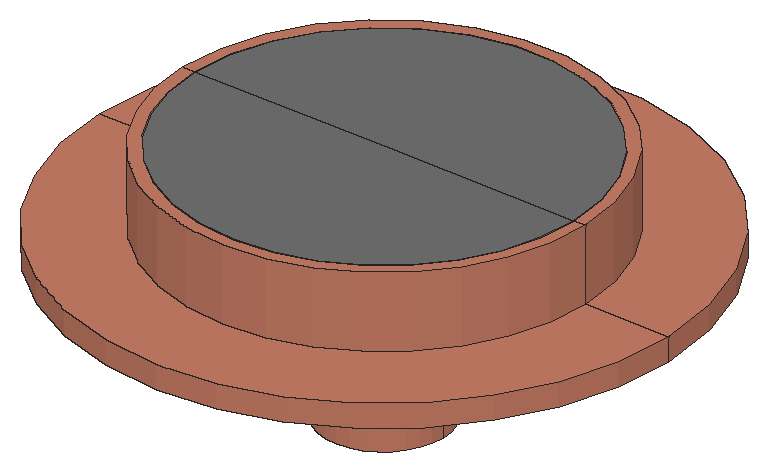
Revit family
Parameters (values of type "2120-02")
  Weight (lb) = 19.81
  Waste Connection = no
  Warranty = "1 year material and workmanship"  # constant formula
  Vent Connection = no
  URL = "http://www.jrsmith.com"
  Threaded = yes
  Technical and Installation = "http://www.jrsmith.com/products/floor/tech_data_index.htm"
  SmartBIM Object Version = 3  # constant formula
  SmartBIM Object Created By = "Reed Construction Data"  # constant formula
  Push On = yes
  Product URL = "http://www.jrsmith.com/products/floor/submittal/d2120.pdf"
  Pipe Radius = Pipe Diameter / 2  # 1"
  Pipe Diameter = 2"
  OmniClass Title = "Sanitary Drains"  # constant formula
  OmniClass Code = "22-22 13 19 13"  # constant formula
  No Hub = yes
  Model = "2120"  # constant formula
  Material Finish = Duco Coated
  Material = Cast Iron
  Manufacturer = "Jay R. Smith Mfg. Co. "  # constant formula
  Free Area (sq. in) = "13"  # constant formula
  Dome Free Area = "2\""
  Description = "Duco cast iron body and flashing collar with cast iron bar grate"  # constant formula
  Default Elevation = 0"
  Connection Type = ""
  Caulk = yes
  Assembly Code = "D2030300"
  95 CSI = "15155"  # constant formula
  04 CSI = "22 13 19"  # constant formula
Types (4): name | Weight (lb) | Pipe Radius | Pipe Diameter | Dome Free Area
  2120-02 | 19.81 | 1" | 2" | "2\""
  2120-03 | 17.96 | 1 1/2" | 3" | "3\""
  2120-04 | 18.17 | 2" | 4" | "4\""
  2120-06 | 18.86 | 3" | 6" | "6\" "
Reference planes (in)
  plane 1 "Center (Front/Back)": y = 0
  plane 2: z = 0
  plane 3 "Center (Left/Right)": x = 0
  plane 4: z = 0.125
Dimensions and locks (in)
  locked: plane 4 to plane 2 at 0.125
  aligned and locked: level to plane 2
  aligned and locked: plane 1 "Center (Front/Back)" to nested 1
  aligned and locked: plane 3 "Center (Left/Right)" to nested 1
  aligned and locked: plane 4 to nested 1
Nested families (in)
  nested 1: "2120" at (0, 0, -1.84221), type "2120"
Connectors (in)
  piping at (0, 0, -4.94517), driven by "Pipe Radius"
    settings: on nested 1, index 1
Definition of nested family "2120"
  Parameters (values of type "2120")
    Weight (lb) = 19.81
    Waste Connection = no
    Warranty = "1 year material and workmanship"  # constant formula
    Vent Connection = no
    URL = "http://www.jrsmith.com"
    Threaded = yes
    Technical and Installation = "http://www.jrsmith.com/products/floor/tech_data_index.htm"
    SmartBIM Object Version = 3  # constant formula
    SmartBIM Object Created By = "Reed Construction Data"  # constant formula
    Push On = yes
    Product URL = "http://www.jrsmith.com/products/floor/submittal/d2120.pdf"
    Pipe Radius = Outlet Diameter / 2  # 1"
    Outlet Diameter = 2"
    OmniClass Title = "Sanitary Drains"  # constant formula
    OmniClass Code = "22-22 13 19 13"  # constant formula
    No Hub = yes
    Model = "2120"  # constant formula
    Material Finish = Duco Coated
    Material = Cast Iron
    Manufacturer = "Jay R. Smith Mfg. Co. "  # constant formula
    Free Area (sq. in) = "13"  # constant formula
    Dome Free Area = "2\""
    Description = "Duco cast iron body and flashing collar with cast iron bar grate"  # constant formula
    Default Elevation = 0"
    Connection Type = ""
    Caulk = yes
    Assembly Code = "D2030300"
    95 CSI = "15155"  # constant formula
    04 CSI = "22 13 19"  # constant formula
  Reference planes (in)
    plane 1 "Center (Front/Back)": y = 0
    plane 2: z = 0
    plane 3 "Center (Left/Right)": x = 0
    plane 4: x = 6
    plane 5: x = 4.25
    plane 6: x = -4.25
    plane 7: x = -6
    plane 8: x = 4.25
    plane 9: x = 6
  Forms (in)
    Revolve 1, solid, material "Cast Iron" <- "Material"
      sketch origin (0, 0, 0.47775) x (1, 0, 0) y (0, 0, 1)
        loop
          line (4.25, 0) -> (4.25, 1.48946) -> (4, 1.48946) -> (4, -0.32692) -> (3.08372, -0.46972) -> (3.08372, -0.8132) -> (1.25, -0.8132) -> (1.25, -1.05683) -> (3.80035, -1.05683) -> (3.80035, -0.67891) -> (6, -0.46898) -> (6, 0) -> (4.25, 0)
        axis (0, 1.48946) -> (0, -1.05683)
      angle from 0 to 360
    Revolve 2, solid, material "Duco Coated" <- "Material Finish"
      sketch origin (0, 0, 0.47775) x (1, 0, 0) y (0, 0, 1)
        loop
          line (4, 1.48946) -> (0, 1.48946) -> (0, 0.54336) -> (4, 0.73184) -> (4, 1.48946)
        axis (0, 1.48946) -> (0, 0.54336)
      angle from 0 to 360
    Revolve 3, solid, material "Cast Iron" <- "Material"
      sketch origin (0, 0, 0) x (1, 0, 0) y (0, 0, 1)
        loop
          line (1.25, -0.57908) -> (1, -0.57908) -> (1, -3.10296) -> (1.25, -3.10296) -> (1.25, -0.57908)
        axis (0, -0.57908) -> (0, -3.10296)
      angle from 0 to 360
  Dimensions and locks (in)
    "Pipe Radius": plane 3 "Center (Left/Right)" to Revolve 3 sketch curve
    locked: Revolve 1 to Revolve 2 sketch curve
    plane 4 to plane 5 to Revolve 1 sketch curve to Revolve 1 sketch curve to Revolve 1 sketch curve = 1 3/4" locked, 1/4", 0.91628", 1.83372" locked
    plane 6 to plane 8 = 8 1/2"
    plane 7 to plane 9 = 12"
    locked: Revolve 1 sketch curve to Revolve 1 sketch curve at 0.25
    aligned and locked: level to plane 2
    aligned and locked: Revolve 3 sketch curve to plane 3 "Center (Left/Right)"
    aligned and locked: Revolve 1 sketch curve to plane 4
    aligned and locked: Revolve 1 sketch curve to plane 3 "Center (Left/Right)"
    aligned and locked: Revolve 1 to Revolve 3 sketch curve
  Automatic sketch dimensions
    Revolve 3 sketch curve to Revolve 3 sketch curve = 1/4"
    Revolve 3 sketch curve to Revolve 3 sketch curve = 2.52388"
    Revolve 3 sketch curve to Revolve 3 sketch curve = 43.5526"
    level to Revolve 3 sketch curve = 95.06503"
    Revolve 2 sketch curve to plane 3 "Center (Left/Right)" = 0"  (x2)
    level to Revolve 2 sketch curve = 1.96721"
    Revolve 2 sketch curve to Revolve 2 sketch curve = 0.75762"
    Revolve 2 sketch curve to Revolve 2 sketch curve = 0.9461"
    Revolve 2 sketch curve to level = 46.1778"
    Revolve 2 sketch curve to Revolve 2 sketch curve = 93.57557"
    Revolve 1 sketch curve to level = 46.65555"
    Revolve 1 sketch curve to level = 0.33545"
    Revolve 1 sketch curve to level = 0.20116"
    level to Revolve 1 sketch curve = 0.00803"
    level to Revolve 1 sketch curve = 0.00877"
    level to Revolve 1 sketch curve = 0.15083"
    Revolve 1 sketch curve to Revolve 1 sketch curve = 0.46898"
    Revolve 1 sketch curve to Revolve 1 sketch curve = 1.48946"
    Revolve 1 sketch curve to Revolve 1 sketch curve = 93.09782"
    Revolve 1 sketch curve to Revolve 1 sketch curve = 0.24363"
    Revolve 1 sketch curve to plane 5 = 0.44965"
